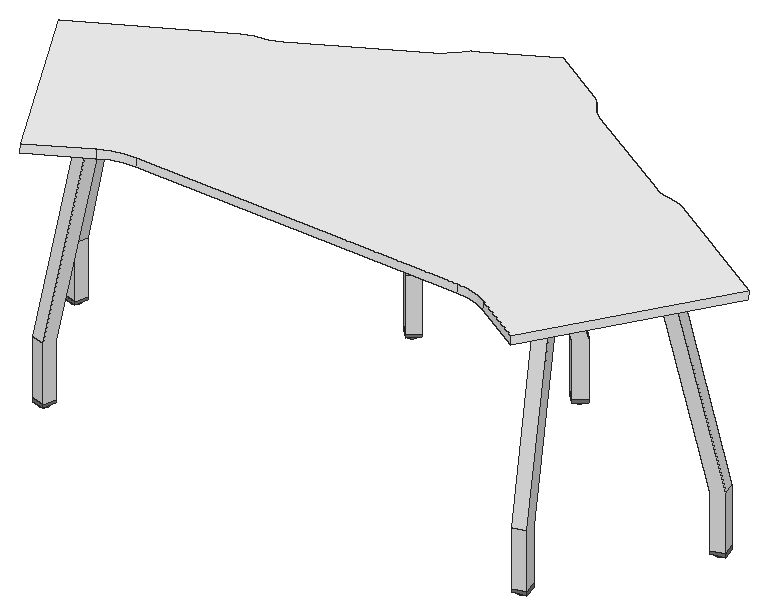
Revit family "Script Angled Leg 120 degree workstation 600 Deep", category Furniture, Revit 2016
Family settings
  OmniClass Number = 23.40.20.00
  OmniClass Title = General Furniture and Specialties
  Work Plane-Based = No
  Always vertical = Yes
  Cut with Voids When Loaded = No
  Shared = No
  Room Calculation Point = No
Parameters
  URL = "www.gof.co.uk"
  Type Comments = ""
  Product Code = "XDY126"
  Desktop = Gresham - White MFC
  Model = ""
  Manufacturer = "Gresham Office Furniture"  # constant formula
  Frame = Gresham - Silver Metal
  Foot = Gresham - Black Plastic
  Assembly Code = "E2020200"
Reference planes
  plane 1 "Center (Front/Back)": y = 28.205
  plane 2: z = 0
  plane 3 "Center (Left/Right)": x = 0
  plane 4 "Desktop Underside": z = 702
  plane 5 "Foot": z = 15
  plane 6: y = 588.013
  plane 7: y = -531.603
  plane 8: x = -1039.23
  plane 9: x = 1039.23
Forms (mm)
  Extrusion 1, solid, material "Gresham - White MFC" <- "Desktop"
    sketch origin (-75914.205, -35054.404, 702) x (-1, 0, 0) y (0, -1, 0)
      loop
        line (-76087.41, -35542.417) -> (-75914.205, -35642.417) -> (-75741, -35542.417)
        arc (-75741, -35542.417) -> (-75718.866, -35525.981) -> (-75701.067, -35504.928) r 120
        arc (-75701.067, -35504.928) -> (-75683.269, -35483.875) -> (-75661.135, -35467.44) r 120
        line (-75661.135, -35467.44) -> (-75352.23, -35289.093)
        arc (-75352.23, -35289.093) -> (-75326.93, -35278.143) -> (-75299.798, -35273.255) r 120
        arc (-75299.798, -35273.255) -> (-75272.666, -35268.368) -> (-75247.365, -35257.417) r 120
        line (-75247.365, -35257.417) -> (-74874.974, -35042.417) -> (-75174.974, -34522.802) -> (-75330.859, -34612.802)
        arc (-75330.859, -34612.802) -> (-75379.095, -34632.782) -> (-75430.859, -34639.597) r 200
        line (-75430.859, -34639.597) -> (-76397.551, -34639.597)
        arc (-76397.551, -34639.597) -> (-76449.315, -34632.782) -> (-76497.551, -34612.802) r 200
        line (-76497.551, -34612.802) -> (-76653.435, -34522.802) -> (-76953.435, -35042.417) -> (-76581.045, -35257.417)
        arc (-76581.045, -35257.417) -> (-76555.744, -35268.368) -> (-76528.612, -35273.255) r 120
        arc (-76528.612, -35273.255) -> (-76501.48, -35278.143) -> (-76476.18, -35289.093) r 120
        line (-76476.18, -35289.093) -> (-76167.275, -35467.44)
        arc (-76167.275, -35467.44) -> (-76145.141, -35483.875) -> (-76127.342, -35504.928) r 120
        arc (-76127.342, -35504.928) -> (-76109.544, -35525.981) -> (-76087.41, -35542.417) r 120
    from 0 to 25
  Extrusion 2, solid, material "Gresham - Silver Metal" <- "Frame"
    sketch origin (-300, 385.94, 702) x (0.707107, -0.707107, 0) y (0, 0, 1)
      loop
        line (444.264, -40) -> (444.264, 0) -> (187, 0) -> (50, -523) -> (50, -687) -> (90, -687) -> (90, -528.152) -> (217.872, -40) -> (444.264, -40)
    from -20 to 20
  Extrusion 3, solid, material "Gresham - Black Plastic" <- "Foot"
    sketch origin (0, -514.06, 15) x (0, -1, 0) y (1, 0, 0)
      loop
        line (-850.503, -278.787) -> (-822.218, -250.503) -> (-850.503, -222.218) -> (-878.787, -250.503) -> (-850.503, -278.787)
      loop
        line (-850.503, 278.787) -> (-878.787, 250.503) -> (-850.503, 222.218) -> (-822.218, 250.503) -> (-850.503, 278.787)
    from 0 to -10
  Extrusion 4, solid, material "Gresham - Black Plastic"
    sketch origin (0, -514.06, 0) x (0, 1, 0) y (-1, 0, 0)
      loop
        circle (850.503, 250.503) r 15
      loop
        circle (850.503, -250.503) r 15
    from 0 to 5
  Extrusion 5, solid, material "Gresham - Silver Metal" <- "Frame"
    sketch origin (300, 385.94, 702) x (-0.707107, -0.707107, 0) y (0, 0, 1)
      loop
        line (444.264, -40) -> (444.264, 0) -> (187, 0) -> (50, -523) -> (50, -687) -> (90, -687) -> (90, -528.152) -> (217.872, -40) -> (444.264, -40)
    from -20 to 20
  Extrusion 6, solid, material "Gresham - Silver Metal" <- "Frame"
    sketch origin (1039.23, -11.987, 702) x (-0.965926, -0.258819, 0) y (0, 0, 1)
      loop
        line (444.264, -40) -> (444.264, 0) -> (187, 0) -> (50, -523) -> (50, -687) -> (90, -687) -> (90, -528.152) -> (217.872, -40) -> (444.264, -40)
    from -20 to 20
  Extrusion 7, solid, material "Gresham - Black Plastic" <- "Foot"
    sketch origin (109.808, 178.205, 15) x (-0.866025, 0.5, 0) y (-0.5, -0.866025, 0)
      loop
        line (-850.503, -278.787) -> (-822.218, -250.503) -> (-850.503, -222.218) -> (-878.787, -250.503) -> (-850.503, -278.787)
      loop
        line (-850.503, 278.787) -> (-878.787, 250.503) -> (-850.503, 222.218) -> (-822.218, 250.503) -> (-850.503, 278.787)
    from 0 to -10
  Extrusion 8, solid, material "Gresham - Black Plastic"
    sketch origin (109.808, 178.205, 0) x (0.866025, -0.5, 0) y (0.5, 0.866025, 0)
      loop
        circle (850.503, 250.503) r 15
      loop
        circle (850.503, -250.503) r 15
    from 0 to 5
  Extrusion 9, solid, material "Gresham - Silver Metal" <- "Frame"
    sketch origin (739.23, -531.603, 702) x (-0.258819, 0.965926, 0) y (0, 0, 1)
      loop
        line (444.264, -40) -> (444.264, 0) -> (187, 0) -> (50, -523) -> (50, -687) -> (90, -687) -> (90, -528.152) -> (217.872, -40) -> (444.264, -40)
    from -20 to 20
  Extrusion 10, solid, material "Gresham - Silver Metal" <- "Frame"
    sketch origin (-1039.23, -11.987, 702) x (0.965926, -0.258819, 0) y (0, 0, 1)
      loop
        line (444.264, -40) -> (444.264, 0) -> (187, 0) -> (50, -523) -> (50, -687) -> (90, -687) -> (90, -528.152) -> (217.872, -40) -> (444.264, -40)
    from -20 to 20
  Extrusion 11, solid, material "Gresham - Black Plastic" <- "Foot"
    sketch origin (-109.808, 178.205, 15) x (0.866025, 0.5, 0) y (-0.5, 0.866025, 0)
      loop
        line (-850.503, 278.787) -> (-878.787, 250.503) -> (-850.503, 222.218) -> (-822.218, 250.503) -> (-850.503, 278.787)
      loop
        line (-850.503, -278.787) -> (-822.218, -250.503) -> (-850.503, -222.218) -> (-878.787, -250.503) -> (-850.503, -278.787)
    from 0 to -10
  Extrusion 12, solid, material "Gresham - Black Plastic"
    sketch origin (-109.808, 178.205, 0) x (-0.866025, -0.5, 0) y (0.5, -0.866025, 0)
      loop
        circle (850.503, -250.503) r 15
      loop
        circle (850.503, 250.503) r 15
    from 0 to 5
  Extrusion 13, solid, material "Gresham - Silver Metal" <- "Frame"
    sketch origin (-739.23, -531.603, 702) x (0.258819, 0.965926, 0) y (0, 0, -1)
      loop
        line (444.264, 40) -> (217.872, 40) -> (90, 528.152) -> (90, 687) -> (50, 687) -> (50, 523) -> (187, 0) -> (444.264, 0) -> (444.264, 40)
    from -20 to 20
Cuts and joins
  joined: Extrusion 2, Extrusion 5
  joined: Extrusion 10, Extrusion 13
  joined: Extrusion 6, Extrusion 9
Lines and regions (mm)
  reference lines
    curve 1: line (-300, 385.94, 702) -> (0, 85.94, 702)
    curve 2: line (300, 385.94, 702) -> (0, 85.94, 702)
    curve 3: line (1039.23, -11.987, 702) -> (629.423, -121.795, 702)
    curve 4: line (739.23, -531.603, 702) -> (629.423, -121.795, 702)
    curve 5: line (-1039.23, -11.987, 702) -> (-629.423, -121.795, 702)
    curve 6: line (-739.23, -531.603, 702) -> (-629.423, -121.795, 702)
Dimensions and locks
  locked: plane 4 "Desktop Underside" to plane 2 at 702
  locked: plane 2 to plane 5 "Foot" at 15
  equal spacing: plane 7, plane 1 "Center (Front/Back)", plane 6
  plane 7 to plane 6 = 1119.615 mm
  Extrusion 1 to Extrusion 1 = 2078.461 mm
  locked: curve 3 to Extrusion 6 at 50
  locked: curve 5 to Extrusion 10 at 50
  locked: curve 2 to cut or joined group of Extrusion 2, Extrusion 5 at 50
  locked: curve 1 to cut or joined group of Extrusion 2, Extrusion 5 at 50
  aligned and locked: level to plane 2
Automatic sketch dimensions
  curve 4 to plane 7 = 0 mm
  curve 2 to plane 3 "Center (Left/Right)" = 0 mm
  curve 6 to plane 7 = 0 mm
  plane 1 "Center (Front/Back)" to curve 4 = 150 mm
  plane 3 "Center (Left/Right)" to curve 4 = 629.423 mm
  plane 1 "Center (Front/Back)" to curve 5 = 150 mm
  curve 5 to plane 3 "Center (Left/Right)" = 629.423 mm
  curve 1 to plane 1 "Center (Front/Back)" = 57.735 mm
  plane 3 "Center (Left/Right)" to curve 2 = 300 mm
  curve 4 to curve 3 = 109.808 mm
  plane 1 "Center (Front/Back)" to curve 3 = 40.192 mm
  curve 1 to plane 3 "Center (Left/Right)" = 300 mm
  curve 5 to curve 6 = 109.808 mm
  plane 1 "Center (Front/Back)" to curve 5 = 40.192 mm
  plane 6 to curve 1 = 202.073 mm
  Extrusion 1 sketch curve to plane 7 = 0 mm  (x2)
  Extrusion 1 sketch curve to plane 3 "Center (Left/Right)" = 0 mm
  plane 6 to Extrusion 1 sketch curve = 0 mm
  plane 3 "Center (Left/Right)" to Extrusion 1 sketch curve = 113.205 mm
  Extrusion 1 sketch curve to Extrusion 1 sketch curve = 60 mm  (x6)
  Extrusion 1 sketch curve to Extrusion 1 sketch curve = 79.865 mm  (x2)
  plane 6 to Extrusion 1 sketch curve = 71.054 mm  (x2)
  Extrusion 1 sketch curve to plane 7 = 83.205 mm  (x2)
  plane 3 "Center (Left/Right)" to Extrusion 1 sketch curve = 483.346 mm
  Extrusion 1 sketch curve to plane 1 "Center (Front/Back)" = 206.484 mm  (x2)
  Extrusion 1 sketch curve to Extrusion 1 sketch curve = 308.905 mm  (x2)
  plane 7 to Extrusion 1 sketch curve = 90 mm  (x2)
  Extrusion 1 sketch curve to Extrusion 1 sketch curve = 100 mm
  Extrusion 1 sketch curve to plane 1 "Center (Front/Back)" = 70.885 mm  (x2)
  Extrusion 1 sketch curve to Extrusion 1 sketch curve = 44.865 mm  (x2)
  Extrusion 1 sketch curve to plane 1 "Center (Front/Back)" = 174.808 mm  (x2)
  Extrusion 1 sketch curve to Extrusion 1 sketch curve = 104.865 mm  (x2)
  Extrusion 1 sketch curve to Extrusion 1 sketch curve = 155.885 mm  (x2)
  Extrusion 1 sketch curve to plane 3 "Center (Left/Right)" = 113.205 mm
  Extrusion 1 sketch curve to plane 3 "Center (Left/Right)" = 483.346 mm
  plane 6 to Extrusion 1 sketch curve = 100 mm  (x2)
  Extrusion 1 sketch curve to Extrusion 1 sketch curve = 74.977 mm  (x2)
  Extrusion 1 sketch curve to Extrusion 1 sketch curve = 103.923 mm  (x4)
  curve 1 to Extrusion 2 sketch curve = 0 mm
  curve 1 to Extrusion 2 sketch curve = 50 mm
  Extrusion 2 sketch curve to Extrusion 2 sketch curve = 40 mm
  curve 1 to Extrusion 2 sketch curve = 187 mm
  Extrusion 2 sketch curve to Extrusion 2 sketch curve = 30.872 mm
  curve 1 to Extrusion 2 sketch curve = 20 mm
  Extrusion 2 sketch curve to curve 1 = 40 mm
  Extrusion 2 sketch curve to curve 1 = 523 mm
  Extrusion 2 sketch curve to Extrusion 2 sketch curve = 5.152 mm
  Extrusion 2 sketch curve to curve 1 = 687 mm
  plane 6 to Extrusion 3 sketch curve = 223.286 mm  (x2)
  Extrusion 3 sketch curve to Extrusion 3 sketch curve = 28.284 mm  (x6)
  Extrusion 3 sketch curve to plane 3 "Center (Left/Right)" = 278.787 mm
  plane 3 "Center (Left/Right)" to Extrusion 3 sketch curve = 222.218 mm
  plane 6 to Extrusion 4 sketch curve = 251.57 mm  (x2)
  plane 3 "Center (Left/Right)" to Extrusion 4 sketch curve = 250.503 mm
  Extrusion 4 sketch curve to plane 3 "Center (Left/Right)" = 250.503 mm
  Extrusion 5 sketch curve to curve 2 = 0 mm
  curve 2 to Extrusion 5 sketch curve = 50 mm
  Extrusion 5 sketch curve to Extrusion 5 sketch curve = 40 mm
  curve 2 to Extrusion 5 sketch curve = 187 mm
  Extrusion 5 sketch curve to Extrusion 5 sketch curve = 30.872 mm
  curve 2 to Extrusion 5 sketch curve = 20 mm
  Extrusion 5 sketch curve to curve 2 = 40 mm
  Extrusion 5 sketch curve to curve 2 = 523 mm
  Extrusion 5 sketch curve to Extrusion 5 sketch curve = 5.152 mm
  Extrusion 5 sketch curve to curve 2 = 687 mm
  Extrusion 6 sketch curve to curve 3 = 0 mm
  curve 3 to Extrusion 6 sketch curve = 50 mm
  Extrusion 6 sketch curve to Extrusion 6 sketch curve = 40 mm
  curve 3 to Extrusion 6 sketch curve = 187 mm
  Extrusion 6 sketch curve to Extrusion 6 sketch curve = 30.872 mm
  curve 3 to Extrusion 6 sketch curve = 20 mm
  Extrusion 6 sketch curve to curve 3 = 40 mm
  Extrusion 6 sketch curve to curve 3 = 523 mm
  Extrusion 6 sketch curve to Extrusion 6 sketch curve = 5.152 mm
  Extrusion 6 sketch curve to curve 3 = 687 mm
  plane 1 "Center (Front/Back)" to Extrusion 7 sketch curve = 72.452 mm
  plane 3 "Center (Left/Right)" to Extrusion 7 sketch curve = 996.111 mm
  Extrusion 7 sketch curve to Extrusion 7 sketch curve = 0 mm
  Extrusion 7 sketch curve to Extrusion 7 sketch curve = 28.284 mm  (x6)
  Extrusion 7 sketch curve to Extrusion 7 sketch curve = 444.437 mm
  plane 7 to Extrusion 8 sketch curve = 67.615 mm
  plane 3 "Center (Left/Right)" to Extrusion 8 sketch curve = 721.113 mm
  Extrusion 8 sketch curve to Extrusion 8 sketch curve = 0 mm
  Extrusion 8 sketch curve to Extrusion 8 sketch curve = 501.005 mm
  Extrusion 9 sketch curve to curve 4 = 0 mm
  curve 4 to Extrusion 9 sketch curve = 50 mm
  Extrusion 9 sketch curve to Extrusion 9 sketch curve = 40 mm
  curve 4 to Extrusion 9 sketch curve = 187 mm
  Extrusion 9 sketch curve to Extrusion 9 sketch curve = 30.872 mm
  curve 4 to Extrusion 9 sketch curve = 20 mm
  Extrusion 9 sketch curve to curve 4 = 40 mm
  Extrusion 9 sketch curve to curve 4 = 523 mm
  Extrusion 9 sketch curve to Extrusion 9 sketch curve = 5.152 mm
  Extrusion 9 sketch curve to curve 4 = 687 mm
  curve 5 to Extrusion 10 sketch curve = 0 mm
  curve 5 to Extrusion 10 sketch curve = 50 mm
  Extrusion 10 sketch curve to Extrusion 10 sketch curve = 40 mm
  curve 5 to Extrusion 10 sketch curve = 187 mm
  Extrusion 10 sketch curve to Extrusion 10 sketch curve = 30.872 mm
  curve 5 to Extrusion 10 sketch curve = 20 mm
  Extrusion 10 sketch curve to curve 5 = 40 mm
  Extrusion 10 sketch curve to curve 5 = 523 mm
  Extrusion 10 sketch curve to Extrusion 10 sketch curve = 5.152 mm
  Extrusion 10 sketch curve to curve 5 = 687 mm
  plane 1 "Center (Front/Back)" to Extrusion 11 sketch curve = 72.452 mm
  Extrusion 11 sketch curve to plane 3 "Center (Left/Right)" = 996.111 mm
  Extrusion 11 sketch curve to Extrusion 11 sketch curve = 0 mm
  Extrusion 11 sketch curve to Extrusion 11 sketch curve = 28.284 mm  (x6)
  Extrusion 11 sketch curve to Extrusion 11 sketch curve = 444.437 mm
  plane 7 to Extrusion 12 sketch curve = 67.615 mm
  Extrusion 12 sketch curve to plane 3 "Center (Left/Right)" = 721.113 mm
  Extrusion 12 sketch curve to Extrusion 12 sketch curve = 0 mm
  Extrusion 12 sketch curve to Extrusion 12 sketch curve = 501.005 mm
  plane 5 "Foot" to Extrusion 13 sketch curve = 0 mm
  plane 4 "Desktop Underside" to Extrusion 13 sketch curve = 0 mm
  plane 5 "Foot" to Extrusion 13 sketch curve = 164 mm
  Extrusion 13 sketch curve to Extrusion 13 sketch curve = 40 mm
  Extrusion 13 sketch curve to Extrusion 13 sketch curve = 97 mm
  Extrusion 13 sketch curve to Extrusion 13 sketch curve = 30.872 mm
  Extrusion 13 sketch curve to Extrusion 13 sketch curve = 226.392 mm
  Extrusion 13 sketch curve to plane 4 "Desktop Underside" = 40 mm
  Extrusion 13 sketch curve to Extrusion 13 sketch curve = 5.152 mm
  radius of Extrusion 4 sketch curve = 15 mm  (x2)
  radius of Extrusion 8 sketch curve = 15 mm  (x2)
  radius of Extrusion 12 sketch curve = 15 mm  (x2)
